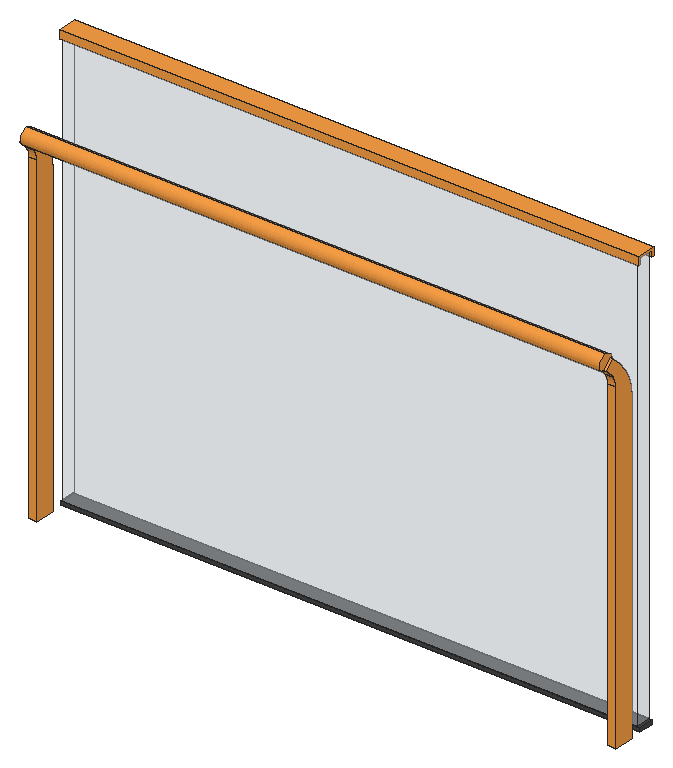
Revit family "Railing_Main", category Curtain Panels, Revit 2026
Family settings
  Classification Number = 23.25.20.14.11.11.17
  Always vertical = Yes
  Cut with Voids When Loaded = No
  Shared = No
Parameters (values of type "Flat")
  show_flat [instance] = is_flat  # yes
  show_arc inverted [instance] = and(is_arc, is_inverted arc)  # no
  show_arc [instance] = and(is_arc, not(is_inverted arc))  # no
  is_inverted arc [instance] = no
  is_flat [instance] = not(is_arc)  # yes
  is_arc = no
  Type Comments = "railing"
  R [instance] = 3000 mm
  Offset_Negative [instance] = if(CWPL_$Offset < 0 mm, abs(CWPL_$Offset), 0 mm)  # 0 mm
  Offset_Positive [instance] = if(CWPL_$Offset > 0 mm, abs(CWPL_$Offset), 0 mm)  # 0 mm
  Keynote = "RLG-1"
  H [instance] = 1100 mm
  Define Thermal Properties by = Schematic Type
  CWPL_$Width [instance] = 1500 mm
  CWPL_$Offset = 0 mm
  CWPL_$Height [instance] = 2500 mm
  Analytic Construction = "<None>"
Types (2, lengths in mm): name | show_flat | show_arc | is_flat | is_arc
  Flat | yes | no | yes | no
  Arc | no | yes | no | yes
Reference planes
  plane 1 "Front": y = 0
  plane 2: z = 0
  plane 3 "Center (Left/Right)": x = 0
  plane 4 "Left": x = -750
  plane 5 "Right": x = 750
  plane 6 "Top": z = 2500
  plane 7 "Host": y = 0
  plane 8: y = 0
Text (mm)
  text "Exterior" at (-1379.057, 797.241, 0), in view "Ref. Level"
  text "Exterior" at (12192, 1055.114, 2275.943), in view "Right"
  text "Exterior" at (-6096, 1468.734, 2687.031), in view "Left"
  text "WORKPLANE = HOST" at (922.129, 232.231, 0), in view "Ref. Level"
Dimensions and locks
  equal spacing: plane 4 "Left", plane 3 "Center (Left/Right)", plane 5 "Right"
  "CWPL_$Height": plane 2 to plane 6 "Top"
  "Offset_Positive": plane 7 "Host" to plane 8
  "Offset_Negative": plane 8 to plane 1 "Front"
  "CWPL_$Width": plane 4 "Left" to plane 5 "Right"
  aligned and locked: level to plane 2
  aligned and locked: plane 7 "Host" to nested 1
  aligned and locked: nested 1 to plane 5 "Right"
  aligned and locked: plane 1 "Front" to nested 2
  aligned and locked: nested 2 to plane 5 "Right"
  aligned and locked: nested 3 to plane 7 "Host"
  aligned and locked: nested 3 to plane 5 "Right"
Nested families
  nested 1: "Edge railing_Straight" at (750, 0, 0), W <- "CWPL_$Width", H <- "H", visible <- "show_flat", type "SD"
    with W 1500 mm, H 1100 mm
  nested 2: "Edge railing_Arc" at (750, 0, 0), H <- "H", R <- "R", W <- "CWPL_$Width", visible <- "show_arc", type "SD"
    with angle flip -14.4775°, angle 14.4775°, W 1500 mm, R 3000 mm, H 1100 mm
  nested 3: "Edge railing_Invert Arc" at (750, 0, 0), H <- "H", W <- "CWPL_$Width", R <- "R", visible <- "show_arc inverted", type "SD"
    with angle flip -14.4775°, angle 14.4775°, W 1500 mm, R 3000 mm, H 1100 mm
  nested 4: "EA_ID ARROW" at (50, 0, 0), type "SD"
  nested 5: "EA_ID ARROW" at (90.912, 0, 0), type "SD"
  nested 6: "EA_ID ARROW" at (10, 0, 0), type "SD"
Definition of nested family "Edge railing_Straight"
  Parameters (values of type "SD")
    yes = not(no)  # yes
    no = 1 > 2  # no
    W [instance] = 1500 mm
    Typ Railing = yes
    Low Railing [instance] = no
    Handrail h = 1100 mm
    H [instance] = 1100 mm
    Default Elevation = 0 mm
  Reference planes
    plane 1 "Center (Front/Back)": y = 0
    plane 2: z = 0
    plane 3 "Center (Left/Right)": x = 0
    plane 4: x = -1500
  Forms (mm)
    Sweep 1, solid
      path origin (0, 0, 0) x (1, 0, 0) y (0, 1, 0)
        loop
          line (0, 0) -> (-1500, 0)
      profile "Glass Profile : Vision" origin (-750, 0, 0) x (0, -1, 0) y (0, 0, 1)
        loop
          line (0, 0) -> (40, 0) -> (40, 1100) -> (0, 1100) -> (0, 0)
    Sweep 2, void
      path origin (0, 0, 0) x (1, 0, 0) y (0, 0, 1)
        loop
          line (0, 0) -> (0, 4500)
      profile "glass side trim V. Main_Void : SD" origin (0, 0, 2250) x (-1, 0, 0) y (0, -1, 0)
        loop
          line (-457.979, -190) -> (40, -190) -> (40, -90) -> (5, -90) -> (5, 140) -> (40, 140) -> (40, 220) -> (-457.979, 220) -> (-457.979, -190)
    Sweep 3, void
      path origin (-600, 0, 0) x (1, 0, 0) y (0, 0, 1)
        loop
          line (-900, 0) -> (-900, 4500)
      profile "glass side trim V. Main_Void : SD" origin (-1500, 0, 2250) x (-1, 0, 0) y (0, -1, 0)
        loop
          line (457.979, -190) -> (457.979, 220) -> (-40, 220) -> (-40, 140) -> (-5, 140) -> (-5, -90) -> (-40, -90) -> (-40, -190) -> (457.979, -190)
    Sweep 4, solid
      path origin (0, 0, 0) x (1, 0, 0) y (0, 1, 0)
        loop
          line (0, 0) -> (-1500, 0)
      profile "handrail : SD" origin (-750, 0, 0) x (0, -1, 0) y (0, 0, 1)
        loop
          circle (150, 900) r 20
    Sweep 5, solid
      path origin (0, 0, 0) x (1, 0, 0) y (0, 1, 0)
        loop
          line (0, 0) -> (-1500, 0)
      profile "Silicon : SD" origin (-750, 0, 0) x (0, -1, 0) y (0, 0, 1)
        loop
          line (40, -5) -> (40, 5) -> (0, 5) -> (0, -5) -> (40, -5)
    Sweep 6, solid
      path origin (0, 0, 0) x (1, 0, 0) y (0, 1, 0)
        loop
          line (0, 0) -> (-1500, 0)
      profile "Top rail : SD" origin (-750, 0, 0) x (0, -1, 0) y (0, 0, 1)
        loop
          line (45, 1100) -> (-5, 1100) -> (-5, 1080) -> (0, 1080) -> (0, 1095) -> (40, 1095) -> (40, 1080) -> (45, 1080) -> (45, 1100)
    Sweep 7, void
      path origin (0, 0, 0) x (1, 0, 0) y (0, 1, 0)
        loop
          line (0, 0) -> (-1500, 0)
      profile "Mullion H. Main_Void : SD" origin (-750, 0, 0) x (0, -1, 0) y (0, 0, 1)
        loop
          line (337.252, 1060) -> (337.252, 1290) -> (0, 1290) -> (0, 1095) -> (40, 1095) -> (40, 1060) -> (337.252, 1060)
    Sweep 8, void
      path origin (0, 0, 0) x (1, 0, 0) y (0, 1, 0)
        loop
          line (0, 0) -> (-1500, 0)
      profile "Mullion H. Main_Void : SD" origin (-750, 0, 0) x (0, -1, 0) y (0, 0, 1)
        loop
          line (337.252, 40) -> (40, 40) -> (40, 5) -> (0, 5) -> (0, -190) -> (337.252, -190) -> (337.252, 40)
  Cuts and joins
    Sweep 2, Sweep 3, Sweep 7, Sweep 8 cuts Sweep 1
  Dimensions and locks
    "W": plane 4 to plane 3 "Center (Left/Right)"
    Sweep 6 to plane 2 = 1100 mm
    Sweep 6 to nested 2 = 192.426 mm
    aligned and locked: plane 2 to level
    aligned and locked: plane 3 "Center (Left/Right)" to Sweep 1 sketch curve
    aligned and locked: plane 4 to Sweep 1 sketch curve
    aligned and locked: nested 1 to plane 4
    aligned and locked: nested 3 to level
    aligned and locked: nested 3 to plane 4
    aligned and locked: nested 4 to plane 3 "Center (Left/Right)"
    aligned and locked: plane 1 "Center (Front/Back)" to nested 5
  Automatic sketch dimensions
    plane 1 "Center (Front/Back)" to Sweep 1 sketch curve = 0 mm
    Sweep 2 sketch curve to plane 3 "Center (Left/Right)" = 0 mm
    Sweep 2 sketch curve to level = 0 mm
    Sweep 2 sketch curve to Sweep 2 sketch curve = 4500 mm
    Sweep 3 sketch curve to plane 4 = 0 mm
    Sweep 3 sketch curve to level = 0 mm
    Sweep 3 sketch curve to Sweep 3 sketch curve = 4500 mm
    plane 1 "Center (Front/Back)" to Sweep 4 sketch curve = 0 mm
    Sweep 4 sketch curve to plane 4 = 0 mm
    Sweep 4 sketch curve to plane 3 "Center (Left/Right)" = 0 mm
    plane 1 "Center (Front/Back)" to Sweep 5 sketch curve = 0 mm
    Sweep 5 sketch curve to plane 4 = 0 mm
    Sweep 5 sketch curve to plane 3 "Center (Left/Right)" = 0 mm
    plane 1 "Center (Front/Back)" to Sweep 6 sketch curve = 0 mm
    Sweep 6 sketch curve to plane 4 = 0 mm
    Sweep 6 sketch curve to plane 3 "Center (Left/Right)" = 0 mm
    plane 1 "Center (Front/Back)" to Sweep 7 sketch curve = 0 mm
    Sweep 7 sketch curve to plane 4 = 0 mm
    Sweep 7 sketch curve to plane 3 "Center (Left/Right)" = 0 mm
    plane 1 "Center (Front/Back)" to Sweep 8 sketch curve = 0 mm
    Sweep 8 sketch curve to plane 4 = 0 mm
    Sweep 8 sketch curve to plane 3 "Center (Left/Right)" = 0 mm
  Nested families
    nested 1: "Support" at (-1500, 0, 0) x (-1, 0, 0) z (0, 0, 1), visible <- "Typ Railing", type "DD"
    nested 2: "Support" at (0, 0, 0) x (-1, 0, 0) z (0, 0, 1), visible <- "Typ Railing", type "DD"
    nested 3: "support-Low" at (-1500, 0, 0) x (-1, 0, 0) z (0, 0, 1), visible <- "Low Railing", type "support-Low"
    nested 4: "support-Low" at (0, 0, 300) x (-1, 0, 0) z (0, 0, 1), visible <- "Low Railing", type "support-Low"
    nested 5: "EA_ID ARROW" at (-700, 0, 0), type "SD"
  Definition of nested family "Support"
    Parameters (values of type "support")
      Default Elevation = 0 mm
    Reference planes
      plane 1 "Center (Front/Back)": y = 0
      plane 2: z = 0
      plane 3 "Center (Left/Right)": x = 0
    Forms (mm)
      Extrusion 1, solid
        sketch origin (0, -160, 0) x (0, 1, 0) y (0, 0, 1)
          loop
            line (240, 0) -> (290, 0) -> (290, 839.289)
            arc (290, 839.289) -> (293.045, 854.597) -> (301.716, 867.574) r 40
            line (301.716, 867.574) -> (320.503, 886.36) -> (299.289, 907.574) -> (278.076, 886.36)
            arc (278.076, 886.36) -> (249.896, 844.185) -> (240, 794.437) r 130
            line (240, 794.437) -> (240, 0)
        from -10 to 10
    Dimensions and locks
      aligned and locked: plane 2 to level
  Definition of nested family "support-Low"
    Parameters (values of type "support-Low")
      Default Elevation = 0 mm
    Reference planes
      plane 1 "Center (Front/Back)": y = 0
      plane 2: z = 0
      plane 3 "Center (Left/Right)": x = 0
    Forms (mm)
      Extrusion 1, solid
        sketch origin (0, -160, 0) x (0, 1, 0) y (0, 0, 1)
          loop
            line (240, 0) -> (290, 0) -> (290, 539.289)
            arc (290, 539.289) -> (293.045, 554.597) -> (301.716, 567.574) r 40
            line (301.716, 567.574) -> (320.503, 586.36) -> (299.289, 607.574) -> (278.076, 586.36)
            arc (278.076, 586.36) -> (249.896, 544.185) -> (240, 494.437) r 130
            line (240, 494.437) -> (240, 0)
        from -10 to 10
    Dimensions and locks
      aligned and locked: plane 2 to level
  Definition of nested family "EA_ID ARROW"
    Parameters (values of type "SD")
      Default Elevation = 0 mm
    Reference planes
      plane 1 "Center (Front/Back)": y = 0
      plane 2: z = 0
      plane 3 "Center (Left/Right)": x = 0
      plane 4: z = 1500
      plane 5 "main": y = 500
    Lines and regions (mm)
      model lines
        curve 1: line (400, 500, 1500) -> (-400, 500, 1500)
        curve 2: line (-400, 500, 1500) -> (-272.721, 500, 1627.279)
        curve 3: line (-400, 500, 1500) -> (-272.721, 500, 1372.721)
    Dimensions and locks
      plane 2 to plane 4 = 1500 mm
      plane 5 "main" to plane 1 "Center (Front/Back)" = 500 mm
      aligned and locked: plane 2 to level
Definition of nested family "Edge railing_Arc"
  Parameters (values of type "SD")
    yes = not(no)  # yes
    no = 1 > 2  # no
    angle flip [instance] = -angle  # -14.4775°
    angle [instance] = asin((W / 2) / R)  # 14.4775°
    W [instance] = 1500 mm
    R [instance] = 3000 mm
    Handrail h = 1100 mm
    H [instance] = 4500 mm
    Default Elevation = 0 mm
  Reference planes
    plane 1 "Center (Front/Back)": y = 0
    plane 2: z = 0
    plane 3 "Center (Left/Right)": x = 0
    plane 4: x = -1500
  Forms (mm)
    Sweep 1, void
      path origin (0, 0, 0) x (1, 0, 0) y (0, 0, 1)
        loop
          line (0, 0) -> (0, 4500)
      profile "glass side trim V. Main_Void : SD" origin (0, 0, 2250) x (-1, 0, 0) y (0, -1, 0)
        loop
          line (-490.936, -69.472) -> (-8.77, -193.967) -> (16.23, -97.142) -> (-17.659, -88.392) -> (39.841, 134.304) -> (73.73, 125.554) -> (93.73, 203.014) -> (-388.436, 327.509) -> (-490.936, -69.472)
    Sweep 2, void
      path origin (-600, 0, 0) x (1, 0, 0) y (0, 0, 1)
        loop
          line (-900, 0) -> (-900, 4500)
      profile "glass side trim V. Main_Void : SD" origin (-1500, 0, 2250) x (-1, 0, 0) y (0, -1, 0)
        loop
          line (490.936, -69.472) -> (388.436, 327.509) -> (-93.73, 203.014) -> (-73.73, 125.554) -> (-39.841, 134.304) -> (17.659, -88.392) -> (-16.23, -97.142) -> (8.77, -193.967) -> (490.936, -69.472)
    Sweep 3, solid
      path in 3D
        loop
          arc (0, 0, 0) -> (-750, 95.262, 0) -> (-1500, 0, 0) r 3000
      profile "Glass Profile : Vision" origin (-750, 95.262, 0) x (0, -1, 0) y (0, 0, 1)
        loop
          line (0, 0) -> (40, 0) -> (40, 4500) -> (0, 4500) -> (0, 0)
    Sweep 4, solid
      path in 3D
        loop
          arc (0, 0, 0) -> (-750, 95.262, 0) -> (-1500, 0, 0) r 3000
      profile "Top rail : SD" origin (-750, 95.262, 0) x (0, -1, 0) y (0, 0, 1)
        loop
          line (45, 4500) -> (-5, 4500) -> (-5, 4480) -> (0, 4480) -> (0, 4495) -> (40, 4495) -> (40, 4480) -> (45, 4480) -> (45, 4500)
    Sweep 5, solid
      path in 3D
        loop
          arc (0, 0, 0) -> (-750, 95.262, 0) -> (-1500, 0, 0) r 3000
      profile "Handrail : SD" origin (-750, 95.262, 0) x (0, -1, 0) y (0, 0, 1)
        loop
          circle (150, 900) r 20
    Sweep 6, solid
      path in 3D
        loop
          arc (0, 0, 0) -> (-750, 95.262, 0) -> (-1500, 0, 0) r 3000
      profile "Silicon : SD" origin (-750, 95.262, 0) x (0, -1, 0) y (0, 0, 1)
        loop
          line (40, 5) -> (0, 5) -> (0, -5) -> (40, -5) -> (40, 5)
    Sweep 7, void
      path in 3D
        loop
          arc (0, 0, 0) -> (-750, 95.262, 0) -> (-1500, 0, 0) r 3000
      profile "Mullion H. Main_Void : SD" origin (-750, 95.262, 0) x (0, -1, 0) y (0, 0, 1)
        loop
          line (337.252, 4460) -> (337.252, 4690) -> (0, 4690) -> (0, 4495) -> (40, 4495) -> (40, 4460) -> (337.252, 4460)
    Sweep 8, void
      path in 3D
        loop
          arc (0, 0, 0) -> (-750, 95.262, 0) -> (-1500, 0, 0) r 3000
      profile "Mullion H. Main_Void : SD" origin (-750, 95.262, 0) x (0, -1, 0) y (0, 0, 1)
        loop
          line (337.252, 40) -> (40, 40) -> (40, 5) -> (0, 5) -> (0, -190) -> (337.252, -190) -> (337.252, 40)
  Cuts and joins
    Sweep 1, Sweep 2, Sweep 7, Sweep 8 cuts Sweep 3
  Lines and regions (mm)
    reference lines
      curve 1: arc (0, 0, 0) -> (-750, 95.262, 0) -> (-1500, 0, 0) r 3000
      curve 2: line (-1500, 0, 0) -> (-1200, -1161.895, 0)
      curve 3: line (0, 0, 0) -> (-200, -774.597, 0)
    sketch lines
      curve 4: arc (0, 0, 0) -> (-750, 95.262, 0) -> (-1500, 0, 0) r 3000
      curve 5: arc (0, 0, 0) -> (-750, 95.262, 0) -> (-1500, 0, 0) r 3000
      curve 6: arc (0, 0, 0) -> (-750, 95.262, 0) -> (-1500, 0, 0) r 3000
      curve 7: arc (0, 0, 0) -> (-750, 95.262, 0) -> (-1500, 0, 0) r 3000
      curve 8: arc (0, 0, 0) -> (-750, 95.262, 0) -> (-1500, 0, 0) r 3000
      curve 9: arc (0, 0, 0) -> (-750, 95.262, 0) -> (-1500, 0, 0) r 3000
  Dimensions and locks
    "W": plane 4 to plane 3 "Center (Left/Right)"
    "H": Sweep 1 sketch curve to Sweep 1 sketch curve
    "H": Sweep 2 sketch curve to Sweep 2 sketch curve
    "R": radius of curve 1
    "angle": angle plane 4 to curve 2
    "angle": angle curve 3 to plane 3 "Center (Left/Right)"
    aligned and locked: plane 2 to level
    aligned and locked: plane 1 "Center (Front/Back)" to nested 3
  Automatic sketch dimensions
    plane 1 "Center (Front/Back)" to curve 1 = 0 mm
    curve 1 to plane 4 = 0 mm
    plane 1 "Center (Front/Back)" to curve 3 = 0 mm
    curve 3 to plane 3 "Center (Left/Right)" = 0 mm
    Sweep 1 sketch curve to plane 3 "Center (Left/Right)" = 0 mm
    Sweep 1 sketch curve to level = 0 mm
    Sweep 2 sketch curve to plane 4 = 0 mm
    Sweep 2 sketch curve to level = 0 mm
  Nested families
    nested 1: "Supports" at (0, 0, 0) x (-0.9682, 0.25, 0) z (0, 0, 1), type "DD"
    nested 2: "Supports" at (-1500, 0, 0) x (-0.9682, -0.25, 0) z (0, 0, 1), type "DD"
    nested 3: "EA_ID ARROW" at (-740, 0, 0), type "SD"
  Definition of nested family "Supports"
    Parameters (values of type "support")
      Default Elevation = 0 mm
    Reference planes
      plane 1 "Center (Front/Back)": y = 0
      plane 2: z = 0
      plane 3 "Center (Left/Right)": x = 0
    Forms (mm)
      Extrusion 1, solid
        sketch origin (0, -160, 0) x (0, 1, 0) y (0, 0, 1)
          loop
            line (240, 0) -> (290, 0) -> (290, 839.289)
            arc (290, 839.289) -> (293.045, 854.597) -> (301.716, 867.574) r 40
            line (301.716, 867.574) -> (320.503, 886.36) -> (299.289, 907.574) -> (278.076, 886.36)
            arc (278.076, 886.36) -> (249.896, 844.185) -> (240, 794.437) r 130
            line (240, 794.437) -> (240, 0)
        from -10 to 10
    Dimensions and locks
      aligned and locked: plane 2 to level
  Definition of nested family "EA_ID ARROW"
    Parameters (values of type "SD")
      Default Elevation = 0 mm
    Reference planes
      plane 1 "Center (Front/Back)": y = 0
      plane 2: z = 0
      plane 3 "Center (Left/Right)": x = 0
      plane 4: z = 1500
      plane 5 "main": y = 500
    Lines and regions (mm)
      model lines
        curve 1: line (400, 500, 1500) -> (-400, 500, 1500)
        curve 2: line (-400, 500, 1500) -> (-272.721, 500, 1627.279)
        curve 3: line (-400, 500, 1500) -> (-272.721, 500, 1372.721)
    Dimensions and locks
      plane 2 to plane 4 = 1500 mm
      plane 5 "main" to plane 1 "Center (Front/Back)" = 500 mm
      aligned and locked: plane 2 to level
Definition of nested family "Edge railing_Invert Arc"
  Parameters (values of type "SD")
    yes = not(no)  # yes
    no = 1 > 2  # no
    angle flip [instance] = -angle  # -14.8724°
    angle [instance] = asin((W / 2) / R)  # 14.8724°
    W [instance] = 1540 mm
    R [instance] = 3000 mm
    Handrail h = 1100 mm
    H [instance] = 4500 mm
    Default Elevation = 0 mm
  Reference planes
    plane 1 "Center (Front/Back)": y = 0
    plane 2: z = 0
    plane 3 "Center (Left/Right)": x = 0
    plane 4: x = -1540
  Forms (mm)
    Sweep 1, void
      path origin (0, 0, 0) x (1, 0, 0) y (0, 0, 1)
        loop
          line (0, 0) -> (0, 4500)
      profile "glass side trim V. Main_Void : SD" origin (0, 0, 2250) x (-1, 0, 0) y (0, -1, 0)
        loop
          line (-393.87, -301.183) -> (87.427, -173.368) -> (61.76, -76.718) -> (27.932, -85.702) -> (-31.101, 136.593) -> (2.727, 145.577) -> (-17.807, 222.897) -> (-499.103, 95.082) -> (-393.87, -301.183)
    Sweep 2, void
      path origin (-600, 0, 0) x (1, 0, 0) y (0, 0, 1)
        loop
          line (-940, 0) -> (-940, 4500)
      profile "glass side trim V. Main_Void : SD" origin (-1540, 0, 2250) x (-1, 0, 0) y (0, -1, 0)
        loop
          line (393.87, -301.183) -> (499.103, 95.082) -> (17.807, 222.897) -> (-2.727, 145.577) -> (31.101, 136.593) -> (-27.932, -85.702) -> (-61.76, -76.718) -> (-87.427, -173.368) -> (393.87, -301.183)
    Sweep 3, solid
      path in 3D
        loop
          arc (0, 0, 0) -> (-770, -100.5, 0) -> (-1540, 0, 0) r 3000
      profile "Glass Profile : Vision" origin (-770, -100.5, 0) x (0, -1, 0) y (0, 0, 1)
        loop
          line (0, 0) -> (40, 0) -> (40, 4500) -> (0, 4500) -> (0, 0)
    Sweep 4, solid
      path in 3D
        loop
          arc (0, 0, 0) -> (-770, -100.5, 0) -> (-1540, 0, 0) r 3000
      profile "Top rail : SD" origin (-770, -100.5, 0) x (0, -1, 0) y (0, 0, 1)
        loop
          line (45, 4500) -> (-5, 4500) -> (-5, 4480) -> (0, 4480) -> (0, 4495) -> (40, 4495) -> (40, 4480) -> (45, 4480) -> (45, 4500)
    Sweep 5, solid
      path in 3D
        loop
          arc (0, 0, 0) -> (-770, -100.5, 0) -> (-1540, 0, 0) r 3000
      profile "handrail : SD" origin (-770, -100.5, 0) x (0, -1, 0) y (0, 0, 1)
        loop
          circle (150, 900) r 20
    Sweep 6, solid
      path in 3D
        loop
          arc (0, 0, 0) -> (-770, -100.5, 0) -> (-1540, 0, 0) r 3000
      profile "Silicon : SD" origin (-770, -100.5, 0) x (0, -1, 0) y (0, 0, 1)
        loop
          line (40, 5) -> (0, 5) -> (0, -5) -> (40, -5) -> (40, 5)
    Sweep 7, void
      path in 3D
        loop
          arc (0, 0, 0) -> (-770, -100.5, 0) -> (-1540, 0, 0) r 3000
      profile "Mullion H. Main_Void : SD" origin (-770, -100.5, 0) x (0, -1, 0) y (0, 0, 1)
        loop
          line (337.252, 4460) -> (337.252, 4690) -> (0, 4690) -> (0, 4495) -> (40, 4495) -> (40, 4460) -> (337.252, 4460)
    Sweep 8, void
      path in 3D
        loop
          arc (0, 0, 0) -> (-770, -100.5, 0) -> (-1540, 0, 0) r 3000
      profile "Mullion H. Main_Void : SD" origin (-770, -100.5, 0) x (0, -1, 0) y (0, 0, 1)
        loop
          line (337.252, 40) -> (40, 40) -> (40, 5) -> (0, 5) -> (0, -190) -> (337.252, -190) -> (337.252, 40)
  Cuts and joins
    Sweep 1, Sweep 2, Sweep 7, Sweep 8 cuts Sweep 3
    Sweep 1, Sweep 2 cuts Sweep 4
    Sweep 1, Sweep 2 cuts Sweep 6
  Lines and regions (mm)
    reference lines
      curve 1: arc (0, 0, 0) -> (-770, -100.5, 0) -> (-1540, 0, 0) r 3000
      curve 8: line (-1540, 0, 0) -> (-1714.533, -657.22, 0)
      curve 9: line (0, 0, 0) -> (225.867, -850.52, 0)
    sketch lines
      curve 2: arc (0, 0, 0) -> (-770, -100.5, 0) -> (-1540, 0, 0) r 3000
      curve 3: arc (0, 0, 0) -> (-770, -100.5, 0) -> (-1540, 0, 0) r 3000
      curve 4: arc (0, 0, 0) -> (-770, -100.5, 0) -> (-1540, 0, 0) r 3000
      curve 5: arc (0, 0, 0) -> (-770, -100.5, 0) -> (-1540, 0, 0) r 3000
      curve 6: arc (0, 0, 0) -> (-770, -100.5, 0) -> (-1540, 0, 0) r 3000
      curve 7: arc (0, 0, 0) -> (-770, -100.5, 0) -> (-1540, 0, 0) r 3000
  Dimensions and locks
    "W": plane 4 to plane 3 "Center (Left/Right)"
    "H": Sweep 1 sketch curve to Sweep 1 sketch curve
    "H": Sweep 2 sketch curve to Sweep 2 sketch curve
    equal spacing: plane 4, curve 1, plane 3 "Center (Left/Right)"
    "R": radius of curve 1
    "angle": angle plane 3 "Center (Left/Right)" to curve 9
    "angle": angle curve 8 to plane 4
    aligned and locked: plane 2 to level
    aligned and locked: plane 1 "Center (Front/Back)" to curve 1
    aligned and locked: plane 4 to curve 8
    aligned and locked: plane 3 "Center (Left/Right)" to curve 9
    aligned and locked: plane 1 "Center (Front/Back)" to nested 3
  Automatic sketch dimensions
    Sweep 1 sketch curve to plane 3 "Center (Left/Right)" = 0 mm
    Sweep 1 sketch curve to level = 0 mm
    Sweep 2 sketch curve to plane 4 = 0 mm
    Sweep 2 sketch curve to level = 0 mm
  Nested families
    nested 1: "support" at (0, 0, 0) x (-0.9665, -0.2567, 0) z (0, 0, 1), type "support"
    nested 2: "support" at (-1540, 0, 0) x (-0.9665, 0.2567, 0) z (0, 0, 1), type "support"
    nested 3: "EA_ID ARROW" at (-659.088, 0, 0), type "SD"
  Definition of nested family "support"
    Parameters (values of type "support")
      Default Elevation = 0 mm
    Reference planes
      plane 1 "Center (Front/Back)": y = 0
      plane 2: z = 0
      plane 3 "Center (Left/Right)": x = 0
    Forms (mm)
      Extrusion 1, solid
        sketch origin (0, -160, 0) x (0, 1, 0) y (0, 0, 1)
          loop
            line (240, 0) -> (290, 0) -> (290, 839.289)
            arc (290, 839.289) -> (293.045, 854.597) -> (301.716, 867.574) r 40
            line (301.716, 867.574) -> (320.503, 886.36) -> (299.289, 907.574) -> (278.076, 886.36)
            arc (278.076, 886.36) -> (249.896, 844.185) -> (240, 794.437) r 130
            line (240, 794.437) -> (240, 0)
        from -10 to 10
    Dimensions and locks
      aligned and locked: plane 2 to level
  Definition of nested family "EA_ID ARROW"
    Parameters (values of type "SD")
      Default Elevation = 0 mm
    Reference planes
      plane 1 "Center (Front/Back)": y = 0
      plane 2: z = 0
      plane 3 "Center (Left/Right)": x = 0
      plane 4: z = 1500
      plane 5 "main": y = 500
    Lines and regions (mm)
      model lines
        curve 1: line (400, 500, 1500) -> (-400, 500, 1500)
        curve 2: line (-400, 500, 1500) -> (-272.721, 500, 1627.279)
        curve 3: line (-400, 500, 1500) -> (-272.721, 500, 1372.721)
    Dimensions and locks
      plane 2 to plane 4 = 1500 mm
      plane 5 "main" to plane 1 "Center (Front/Back)" = 500 mm
      aligned and locked: plane 2 to level
Definition of nested family "EA_ID ARROW"
  Parameters (values of type "SD")
    Default Elevation = 0 mm
  Reference planes
    plane 1 "Center (Front/Back)": y = 0
    plane 2: z = 0
    plane 3 "Center (Left/Right)": x = 0
    plane 4: z = 1500
    plane 5 "main": y = 500
  Lines and regions (mm)
    model lines
      curve 1: line (400, 500, 1500) -> (-400, 500, 1500)
      curve 2: line (-400, 500, 1500) -> (-272.721, 500, 1627.279)
      curve 3: line (-400, 500, 1500) -> (-272.721, 500, 1372.721)
  Dimensions and locks
    plane 2 to plane 4 = 1500 mm
    plane 5 "main" to plane 1 "Center (Front/Back)" = 500 mm
    aligned and locked: plane 2 to level
